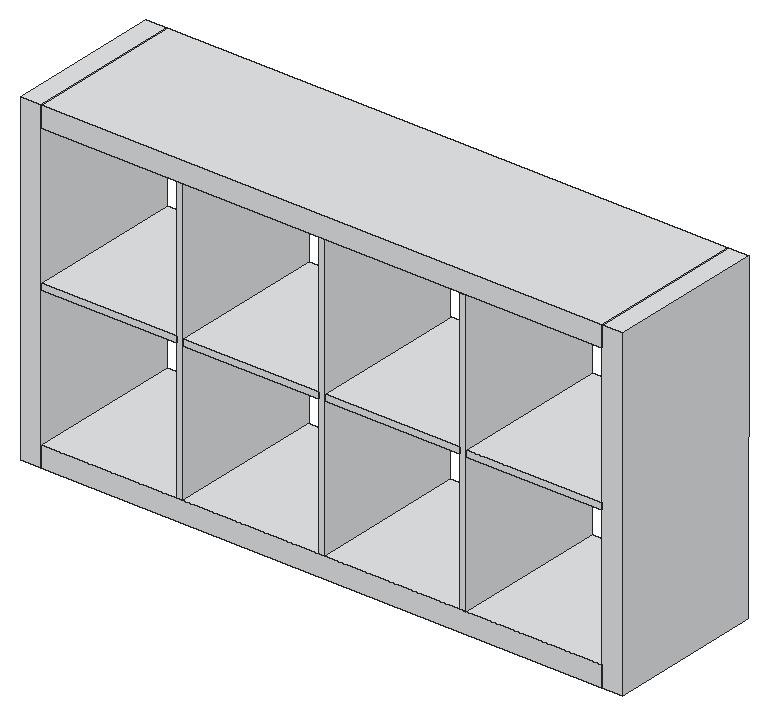
Revit family "Furniture_Ikea_Shelving_Expedit_Medium", category Furniture, Revit 2014
Parameters (values of type "Finish - White")
  Width = 803 mm
  Thin Wall = 15 mm
  Side Wall = 50.8 mm
  Length = 1489.075 mm
  Legs = no
  Half Thin Wall = Thin Wall / 2  # 7.5 mm
  Finish = Ikea - Finish - White
  Drawers = no
  Division A = 346.869 mm
  Depth = 388.937 mm
  Cupboards = no
Types (3, lengths in mm): name | Legs | Finish | Drawers | Cupboards
  Finish - Birch | no | Ikea - Finish - Birch | no | no
  Finish - White | no | Ikea - Finish - White | no | no
  Finish - Black Brown | yes | Ikea - Finish - Black Brown | yes | yes
Reference planes
  plane 1 "Center Front/Back": y = 0
  plane 2: z = 0
  plane 3 "Center Left/Right": x = 0
  plane 4: y = 194.469
  plane 5: y = -194.469
  plane 6: x = -744.537
  plane 7: x = 744.538
  plane 8: z = 803
  plane 9: x = -693.737
  plane 10: x = 693.738
  plane 11: z = 752.2
  plane 12: z = 50.8
  plane 13: x = -350.619
  plane 14: z = 401.5
  plane 15: z = 409
  plane 16: z = 394
  plane 17: x = 350.619
  plane 18: x = -701.237
  plane 19: x = 701.238
  plane 20: x = -358.119
  plane 21: x = 343.119
  plane 22: x = -343.119
  plane 23: x = 358.119
  plane 24: x = -7.5
  plane 25: x = 7.5
Forms (mm)
  Extrusion 1, solid, material "Ikea - Finish - White" <- "Finish"
    sketch origin (85.725, 0, 0) x (1, 0, 0) y (0, 0, 1)
      loop
        line (-830.263, 0) -> (-779.463, 0) -> (-779.463, 803) -> (-830.263, 803) -> (-830.263, 0)
      loop
        line (658.812, 803) -> (608.012, 803) -> (608.012, 0) -> (658.812, 0) -> (658.812, 803)
    from -194.469 to 194.469
  Extrusion 2, solid, material "Ikea - Finish - White" <- "Finish"
    sketch origin (-1939.32, 0, 0) x (1, 0, 0) y (0, 0, 1)
      loop
        line (1581.201, 50.8) -> (1596.201, 50.8) -> (1596.201, 752.2) -> (1581.201, 752.2) -> (1581.201, 50.8)
      loop
        line (1931.82, 50.8) -> (1946.82, 50.8) -> (1946.82, 752.2) -> (1931.82, 752.2) -> (1931.82, 50.8)
      loop
        line (2282.439, 50.8) -> (2297.439, 50.8) -> (2297.439, 752.2) -> (2282.439, 752.2) -> (2282.439, 50.8)
    from -194.469 to 194.469
  Extrusion 3, solid, material "Ikea - Finish - White" <- "Finish"
    sketch origin (-1914.275, 0, -784.225) x (1, 0, 0) y (0, 0, 1)
      loop
        line (1220.537, 1193.225) -> (1220.537, 1178.225) -> (1556.156, 1178.225) -> (1556.156, 1193.225) -> (1220.537, 1193.225)
      loop
        line (1571.594, 1193.225) -> (1571.594, 1178.225) -> (1906.775, 1178.225) -> (1906.775, 1193.225) -> (1571.594, 1193.225)
      loop
        line (1922.65, 1193.225) -> (1922.65, 1178.225) -> (2256.337, 1178.225) -> (2256.337, 1193.225) -> (1922.65, 1193.225)
      loop
        line (2272.212, 1193.225) -> (2272.212, 1178.225) -> (2608.012, 1178.225) -> (2608.012, 1193.225) -> (2272.212, 1193.225)
    from -194.469 to 194.469
  Extrusion 4, solid, material "Ikea - Finish - White" <- "Finish"
    sketch origin (0, 0, 0) x (1, 0, 0) y (0, 0, 1)
      loop
        line (-693.737, 50.8) -> (-693.737, 0) -> (693.738, 0) -> (693.738, 50.8) -> (-693.737, 50.8)
      loop
        line (-693.737, 803) -> (-693.737, 752.2) -> (693.738, 752.2) -> (693.738, 803) -> (-693.737, 803)
    from -194.469 to 194.469
Dimensions and locks
  equal spacing: plane 6, plane 3 "Center Left/Right", plane 7
  "Depth": plane 5 to plane 4
  "Width": plane 8 to level
  "Side Wall": plane 8 to plane 11
  "Length": plane 7 to plane 6
  equal spacing: plane 7, plane 3 "Center Left/Right", plane 6
  "Side Wall": plane 9 to plane 6
  "Side Wall": plane 7 to plane 10
  "Side Wall": plane 12 to plane 2
  equal spacing: plane 8, plane 14, plane 2
  equal spacing: plane 15, plane 14, plane 16
  "Thin Wall": plane 15 to plane 16
  "Half Thin Wall": plane 9 to plane 18
  "Half Thin Wall": plane 19 to plane 10
  plane 19 to plane 17 to plane 3 "Center Left/Right" to plane 13 to plane 18 = 350.619 mm, 350.619 mm, 350.619 mm, 350.619 mm
  equal spacing: plane 22, plane 13, plane 20
  equal spacing: plane 25, plane 3 "Center Left/Right", plane 24
  equal spacing: plane 23, plane 17, plane 21
  "Thin Wall": plane 22 to plane 20
  "Thin Wall": plane 25 to plane 24
  "Thin Wall": plane 23 to plane 21
  aligned and locked: level to plane 2
  aligned and locked: Extrusion 4 to plane 4
  aligned and locked: plane 5 to Extrusion 4
  aligned and locked: Extrusion 1 to Extrusion 3 sketch curve
  aligned and locked: plane 15 to Extrusion 3  (x4)
  aligned and locked: plane 16 to Extrusion 3  (x4)
  aligned and locked: plane 2 to nested 1
  aligned and locked: plane 3 "Center Left/Right" to nested 1
  aligned and locked: plane 5 to nested 1
  aligned and locked: nested 2 to plane 4
  aligned and locked: plane 6 to nested 3
  aligned and locked: plane 6 to nested 4
  aligned and locked: plane 7 to nested 5
  aligned and locked: plane 7 to nested 6
  aligned and locked: Extrusion 2 sketch curve to plane 20
  aligned and locked: Extrusion 2 sketch curve to plane 22
  aligned and locked: Extrusion 2 sketch curve to plane 24
  aligned and locked: Extrusion 2 sketch curve to plane 25
  aligned and locked: Extrusion 2 sketch curve to plane 21
  aligned and locked: Extrusion 2 sketch curve to plane 23
  aligned and locked: plane 11 to nested 7
  aligned and locked: plane 9 to nested 7
  aligned and locked: plane 5 to nested 7
Automatic sketch dimensions
  Extrusion 1 sketch curve to plane 6 = 0 mm
  Extrusion 1 sketch curve to plane 7 = 0 mm
  plane 9 to Extrusion 1 sketch curve = 0 mm
  Extrusion 1 sketch curve to plane 8 = 0 mm  (x2)
  Extrusion 1 sketch curve to level = 0 mm  (x2)
  Extrusion 1 sketch curve to plane 10 = 0 mm
  Extrusion 4 sketch curve to level = 0 mm
  Extrusion 4 sketch curve to plane 12 = 0 mm
  Extrusion 4 sketch curve to plane 9 = 0 mm
  Extrusion 4 sketch curve to plane 11 = 0 mm
  Extrusion 4 sketch curve to plane 10 = 0 mm  (x2)
  Extrusion 4 sketch curve to plane 8 = 0 mm
  plane 9 to Extrusion 4 sketch curve = 0 mm
  Extrusion 2 sketch curve to plane 11 = 0 mm  (x3)
  Extrusion 2 sketch curve to plane 12 = 0 mm  (x3)
  Extrusion 3 sketch curve to plane 10 = 0 mm
  plane 13 to Extrusion 3 sketch curve = 7.937 mm
  Extrusion 3 sketch curve to Extrusion 3 sketch curve = 15.875 mm  (x2)
  Extrusion 3 sketch curve to plane 14 = 7.5 mm  (x3)
  Extrusion 3 sketch curve to Extrusion 3 sketch curve = 0 mm  (x2)
  plane 14 to Extrusion 3 sketch curve = 7.5 mm  (x3)
  Extrusion 3 sketch curve to plane 17 = 8.556 mm
  Extrusion 3 sketch curve to plane 20 = 0 mm
  Extrusion 3 sketch curve to plane 24 = 0 mm
Nested families
  nested 1: "Furniture_IKEA_CAPITA_Leg" at (0, -169.469, -110), visible <- "Legs", type "Furniture_IKEA_CAPITA_Leg"
  nested 2: "Furniture_IKEA_CAPITA_Leg" at (0, 169.469, -110), visible <- "Legs", type "Furniture_IKEA_CAPITA_Leg"
  nested 3: "Furniture_IKEA_CAPITA_Leg" at (-709.537, -169.469, -110), visible <- "Legs", type "Furniture_IKEA_CAPITA_Leg"
  nested 4: "Furniture_IKEA_CAPITA_Leg" at (-709.537, 169.469, -110), visible <- "Legs", type "Furniture_IKEA_CAPITA_Leg"
  nested 5: "Furniture_IKEA_CAPITA_Leg" at (709.538, -169.469, -110) x (-1, 0, 0) z (0, 0, 1), visible <- "Legs", type "Furniture_IKEA_CAPITA_Leg"
  nested 6: "Furniture_IKEA_CAPITA_Leg" at (709.538, 169.469, -110) x (-1, 0, 0) z (0, 0, 1), visible <- "Legs", type "Furniture_IKEA_CAPITA_Leg"
  nested 7: "Furniture_IKEA_EXPEDIT_Drawers" at (-525.937, -194.469, 409), visible <- "Drawers", type "Furniture_IKEA_EXPEDIT_Drawers"
    with Depth 388.937 mm
  nested 8: "Furniture_IKEA_EXPEDIT_Drawers" at (-175.319, -194.469, 409), visible <- "Drawers", type "Furniture_IKEA_EXPEDIT_Drawers"
    with Depth 388.937 mm
  nested 9: "Furniture_IKEA_EXPEDIT_Drawers" at (175.3, -194.469, 409), visible <- "Drawers", type "Furniture_IKEA_EXPEDIT_Drawers"
    with Depth 388.937 mm
  nested 10: "Furniture_IKEA_EXPEDIT_Drawers" at (525.919, -194.469, 409), visible <- "Drawers", type "Furniture_IKEA_EXPEDIT_Drawers"
    with Depth 388.937 mm
  nested 11: "Furniture_IKEA_EXPEDIT_Cupboard" at (-525.937, -194.469, 50.8), visible <- "Cupboards", type "Furniture_IKEA_EXPEDIT_Cupboard"
    with Depth 388.937 mm
  nested 12: "Furniture_IKEA_EXPEDIT_Cupboard" at (175.3, -194.469, 50.8), visible <- "Cupboards", type "Furniture_IKEA_EXPEDIT_Cupboard"
    with Depth 388.937 mm
  nested 13: "Furniture_IKEA_EXPEDIT_Cupboard" at (-175.319, -194.469, 50.8) x (-1, 0, 0) z (0, 0, 1), visible <- "Cupboards", type "Furniture_IKEA_EXPEDIT_Cupboard"
    with Depth 388.937 mm
  nested 14: "Furniture_IKEA_EXPEDIT_Cupboard" at (525.919, -194.469, 50.8) x (-1, 0, 0) z (0, 0, 1), visible <- "Cupboards", type "Furniture_IKEA_EXPEDIT_Cupboard"
    with Depth 388.937 mm
Definition of nested family "Furniture_IKEA_CAPITA_Leg"
  Parameters (values of type "Furniture_IKEA_CAPITA_Leg")
    Width = 50 mm
    Plate = 3 mm
    L2 = 75 mm
    L1 = 35 mm
    Height = 110 mm
    Finish = Ikea - Stainless Steel
    Base Thickness = 4 mm
  Reference planes
    plane 1 "Center (Front/Back)": y = 0
    plane 2: z = 0
    plane 3 "Center (Left/Right)": x = 0
    plane 4: z = 110
    plane 5: z = 107
    plane 6: z = 4
    plane 7: y = -25
    plane 8: y = 25
    plane 9: x = -35
    plane 10: x = 75
  Forms (mm)
    Extrusion 1, solid, material "Ikea - Stainless Steel" <- "Finish"
      sketch origin (0, 0, 0) x (1, 0, 0) y (0, 1, 0)
        loop
          circle (0, 0) r 12.5
        loop
          circle (0, 0) r 9.5
      from 4 to 107
    Extrusion 2, solid, material "Ikea - Stainless Steel" <- "Finish"
      sketch origin (0, 0, 0) x (1, 0, 0) y (0, 1, 0)
        loop
          circle (0, 0) r 20
      from 0 to 4
    Extrusion 3, solid, material "Ikea - Stainless Steel" <- "Finish"
      sketch origin (0, 0, 0) x (1, 0, 0) y (0, 1, 0)
        loop
          line (-35, 25) -> (-35, -25) -> (75, -25) -> (75, 25) -> (-35, 25)
      from 107 to 110
  Dimensions and locks
    "Base Thickness": plane 6 to plane 2
    "Plate": plane 4 to plane 5
    "Height": plane 4 to plane 2
    "L1": plane 9 to plane 3 "Center (Left/Right)"
    "L2": plane 3 "Center (Left/Right)" to plane 10
    equal spacing: plane 8, plane 1 "Center (Front/Back)", plane 7
    "Width": plane 8 to plane 7
    aligned and locked: level to plane 2
    aligned and locked: plane 6 to Extrusion 2
    aligned and locked: Extrusion 1 to plane 6
    aligned and locked: plane 5 to Extrusion 1
    aligned and locked: Extrusion 3 sketch curve to plane 8
    aligned and locked: plane 9 to Extrusion 3 sketch curve
    aligned and locked: plane 7 to Extrusion 3 sketch curve
    aligned and locked: Extrusion 3 sketch curve to plane 10
    aligned and locked: Extrusion 3 to Extrusion 1
    aligned and locked: plane 4 to Extrusion 3
  Automatic sketch dimensions
    Extrusion 1 sketch curve to Extrusion 1 sketch curve = 0 mm  (x2)
    plane 1 "Center (Front/Back)" to Extrusion 1 sketch curve = 0 mm
    Extrusion 1 sketch curve to plane 3 "Center (Left/Right)" = 0 mm
    plane 1 "Center (Front/Back)" to Extrusion 2 sketch curve = 0 mm
    Extrusion 2 sketch curve to plane 3 "Center (Left/Right)" = 0 mm
    radius of Extrusion 1 sketch curve = 12.5 mm
    radius of Extrusion 1 sketch curve = 9.5 mm
    radius of Extrusion 2 sketch curve = 20 mm
Definition of nested family "Furniture_IKEA_EXPEDIT_Drawers"
  Parameters (values of type "Furniture_IKEA_EXPEDIT_Drawers")
    Length = 335.6 mm
    Height = 343.2 mm
    Handle Length = 25 mm
    Handle = Ikea - Aluminium
    Finish = Ikea - Stainless Steel
    Drawer Face = 10 mm
    Depth = 465 mm
    Clearence = 2 mm
    Back PLate = 2 mm
  Reference planes
    plane 1 "Center (Front/Back)": y = 0
    plane 2: z = 0
    plane 3 "Center (Left/Right)": x = 0
    plane 4: z = 343.2
    plane 5: z = 2
    plane 6: y = -25
    plane 7: y = 10
    plane 8: x = -167.8
    plane 9: x = 167.8
    plane 10: z = 341.2
    plane 11: x = -165.8
    plane 12: x = 165.8
    plane 13: z = 171.6
    plane 14: z = 169.6
    plane 15: z = 173.6
    plane 16: z = 257.4
    plane 17: z = 85.8
    plane 18: y = 465
    plane 19: y = 463
  Forms (mm)
    Extrusion 1, solid, material "Ikea - Stainless Steel" <- "Finish"
      sketch origin (0, 0, 0) x (1, 0, 0) y (0, 0, 1)
        loop
          line (-165.8, 341.2) -> (-165.8, 173.6) -> (165.8, 173.6) -> (165.8, 341.2) -> (-165.8, 341.2)
        loop
          line (-165.8, 2) -> (165.8, 2) -> (165.8, 169.6) -> (-165.8, 169.6) -> (-165.8, 2)
      from -10 to 0
    Extrusion 2, solid, material "Ikea - Aluminium" <- "Handle"
      sketch origin (0, 0, 0) x (1, 0, 0) y (0, 0, 1)
        loop
          circle (0, 257.4) r 6
        loop
          circle (0, 85.8) r 6
      from 0 to 25
    Extrusion 3, solid, material "Ikea - Stainless Steel" <- "Finish"
      sketch origin (0, 0, 0) x (1, 0, 0) y (0, 1, 0)
        loop
          line (-167.8, 10) -> (-165.8, 10) -> (-165.8, 463) -> (165.8, 463) -> (165.8, 10) -> (167.8, 10) -> (167.8, 465) -> (-167.8, 465) -> (-167.8, 10)
      from 0 to 343.2
  Dimensions and locks
    "Height": plane 4 to plane 2
    equal spacing: plane 9, plane 3 "Center (Left/Right)", plane 8
    "Length": plane 9 to plane 8
    "Clearence": plane 5 to plane 2
    "Clearence": plane 4 to plane 10
    "Clearence": plane 11 to plane 8
    "Clearence": plane 9 to plane 12
    equal spacing: plane 4, plane 13, plane 2
    "Clearence": plane 15 to plane 13
    "Clearence": plane 13 to plane 14
    equal spacing: plane 14, plane 17, plane 5
    equal spacing: plane 10, plane 16, plane 15
    "Handle Length": plane 6 to plane 1 "Center (Front/Back)"
    "Drawer Face": plane 1 "Center (Front/Back)" to plane 7
    "Depth": plane 1 "Center (Front/Back)" to plane 18
    "Back PLate": plane 18 to plane 19
    aligned and locked: level to plane 2
    aligned and locked: Extrusion 1 sketch curve to plane 10
    aligned and locked: plane 5 to Extrusion 1 sketch curve
    aligned and locked: Extrusion 1 sketch curve to plane 12
    aligned and locked: plane 15 to Extrusion 1 sketch curve
    aligned and locked: Extrusion 1 sketch curve to plane 14
    aligned and locked: Extrusion 2 to plane 1 "Center (Front/Back)"
    aligned and locked: Extrusion 2 to plane 6
    aligned and locked: plane 7 to Extrusion 1
    aligned and locked: plane 1 "Center (Front/Back)" to Extrusion 1
    aligned and locked: Extrusion 3 sketch curve to plane 8
    aligned and locked: plane 18 to Extrusion 3 sketch curve
    aligned and locked: plane 9 to Extrusion 3 sketch curve
    aligned and locked: Extrusion 3 sketch curve to plane 7
    aligned and locked: Extrusion 3 sketch curve to plane 11
    aligned and locked: Extrusion 3 sketch curve to plane 12
    aligned and locked: plane 4 to Extrusion 3
  Automatic sketch dimensions
    Extrusion 1 sketch curve to plane 11 = 0 mm  (x2)
    Extrusion 1 sketch curve to Extrusion 1 sketch curve = 0 mm
    Extrusion 2 sketch curve to plane 3 "Center (Left/Right)" = 0 mm  (x2)
    Extrusion 2 sketch curve to plane 17 = 0 mm
    Extrusion 2 sketch curve to plane 16 = 0 mm
    Extrusion 3 sketch curve to plane 7 = 0 mm
    Extrusion 3 sketch curve to plane 19 = 0 mm
    radius of Extrusion 2 sketch curve = 6 mm  (x2)
Definition of nested family "Furniture_IKEA_EXPEDIT_Cupboard"
  Parameters (values of type "Furniture_IKEA_EXPEDIT_Cupboard")
    Length = 335.6 mm
    Height = 343.2 mm
    Handle Offset = 22 mm
    Handle Length = 25 mm
    Handle = Ikea - Aluminium
    Finish = Ikea - Stainless Steel
    Drawer Face = 10 mm
    Depth = 465 mm
    Clearence = 2 mm
    Back PLate = 2 mm
  Reference planes
    plane 1 "Center (Front/Back)": y = 0
    plane 2: z = 0
    plane 3 "Center (Left/Right)": x = 0
    plane 4: z = 343.2
    plane 5: z = 2
    plane 6: y = -25
    plane 7: y = 10
    plane 8: x = -167.8
    plane 9: x = 167.8
    plane 10: z = 341.2
    plane 11: x = -165.8
    plane 12: x = 165.8
    plane 13: z = 171.6
    plane 14: y = 465
    plane 15: y = 463
    plane 16: x = 145.8
  Forms (mm)
    Extrusion 1, solid, material "Ikea - Stainless Steel" <- "Finish"
      sketch origin (0, 0, 0) x (1, 0, 0) y (0, 0, 1)
        loop
          line (-165.8, 2) -> (165.8, 2) -> (165.8, 341.2) -> (-165.8, 341.2) -> (-165.8, 2)
      from -10 to 0
    Extrusion 2, solid, material "Ikea - Aluminium" <- "Handle"
      sketch origin (0, 0, 0) x (1, 0, 0) y (0, 0, 1)
        loop
          circle (145.8, 171.6) r 6
      from 0 to 25
    Extrusion 3, solid, material "Ikea - Stainless Steel" <- "Finish"
      sketch origin (0, 0, 0) x (1, 0, 0) y (0, 1, 0)
        loop
          line (-167.8, 10) -> (-165.8, 10) -> (-165.8, 463) -> (165.8, 463) -> (165.8, 10) -> (167.8, 10) -> (167.8, 465) -> (-167.8, 465) -> (-167.8, 10)
      from 0 to 343.2
  Lines and regions (mm)
    symbolic lines, style "FurnitureHiddenLines"
      curve 1: line (-165.8, 0, 341.2) -> (165.8, 0, 171.6)
      curve 2: line (165.8, 0, 171.6) -> (-165.8, 0, 2)
  Dimensions and locks
    "Height": plane 4 to plane 2
    equal spacing: plane 9, plane 3 "Center (Left/Right)", plane 8
    "Length": plane 9 to plane 8
    "Clearence": plane 5 to plane 2
    "Clearence": plane 4 to plane 10
    "Clearence": plane 11 to plane 8
    "Clearence": plane 9 to plane 12
    equal spacing: plane 4, plane 13, plane 2
    "Handle Length": plane 6 to plane 1 "Center (Front/Back)"
    "Drawer Face": plane 1 "Center (Front/Back)" to plane 7
    "Depth": plane 1 "Center (Front/Back)" to plane 14
    "Back PLate": plane 14 to plane 15
    "Handle Offset": plane 9 to plane 16
    aligned and locked: level to plane 2
    aligned and locked: plane 5 to Extrusion 1 sketch curve
    aligned and locked: Extrusion 2 to plane 1 "Center (Front/Back)"
    aligned and locked: plane 6 to Extrusion 2
    aligned and locked: plane 7 to Extrusion 1
    aligned and locked: plane 1 "Center (Front/Back)" to Extrusion 1
    aligned and locked: Extrusion 3 sketch curve to plane 8
    aligned and locked: plane 14 to Extrusion 3 sketch curve
    aligned and locked: plane 9 to Extrusion 3 sketch curve
    aligned and locked: Extrusion 3 sketch curve to plane 7
    aligned and locked: Extrusion 3 sketch curve to plane 11
    aligned and locked: Extrusion 3 sketch curve to plane 12
    aligned and locked: plane 4 to Extrusion 3
    aligned and locked: Extrusion 1 sketch curve to plane 10
  Automatic sketch dimensions
    Extrusion 1 sketch curve to plane 11 = 0 mm
    plane 3 "Center (Left/Right)" to Extrusion 2 sketch curve = 145.8 mm
    Extrusion 3 sketch curve to plane 7 = 0 mm
    Extrusion 3 sketch curve to plane 15 = 0 mm
    Extrusion 1 sketch curve to plane 12 = 0 mm
    Extrusion 2 sketch curve to plane 13 = 0 mm
    curve 2 to plane 5 = 0 mm
    curve 2 to plane 11 = 0 mm
    curve 1 to plane 10 = 0 mm
    curve 1 to plane 11 = 0 mm
    curve 2 to plane 12 = 0 mm
    curve 2 to plane 13 = 0 mm
    radius of Extrusion 2 sketch curve = 6 mm
